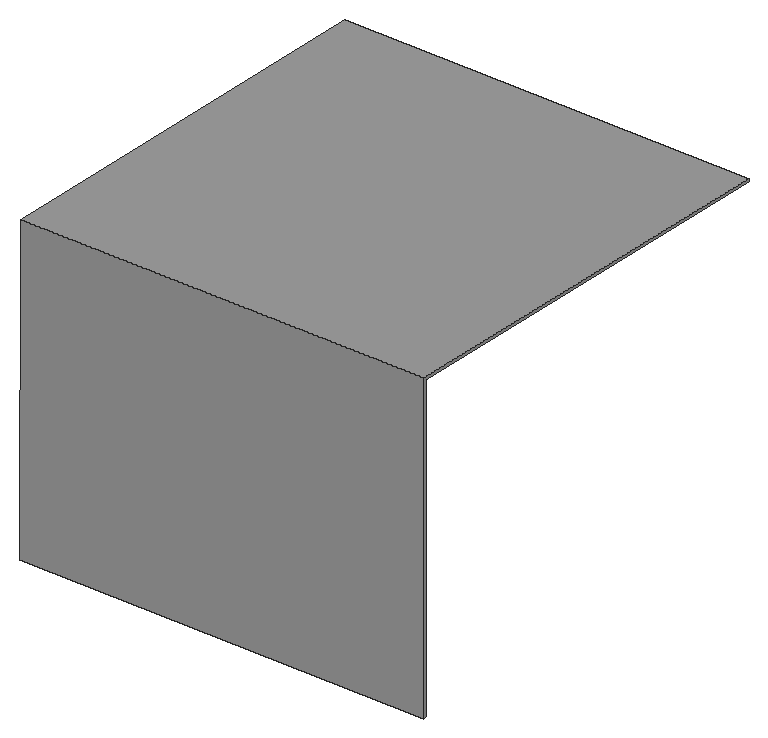
Revit family "Flashing_Preformed_Hyload_CornerCap-Ext", category Generic Models, Revit 2016
Family settings
  Part Type = Normal
  Can host rebar = No
  Round Connector Dimension = Use Diameter
  OmniClass Number = 23.20.30.24.11
  OmniClass Title = Embedded Flashing
  Work Plane-Based = No
  Always vertical = Yes
  Cut with Voids When Loaded = No
  Shared = No
  Room Calculation Point = No
Parameters (values of type "As Specified")
  Unit Width = 0' - 8"
  Unit Height = 0' - 6"
  Unit Depth = 0' - 8 1/16"
  URL = "http://www.hyload.com/"
  Thickness = 0' - 0 1/16"
  Specification = "http://www.arcat.com/sdspecs/htm04/07_65_00hyl.htm"
  Sales Information = "http://www.hyload.com/contact-us"
  Revision = "R1_12-2015"
  Product Properties = "http://www.hyload.com/masonry-flashing/preformed-shapes/"
  Product Data = "http://www.arcat.com/arcatcos/cos33/arc33176.html"
  Model = "Exterior Corner Cap"
  Manufacturer Website = "http://www.hyload.com/"
  Manufacturer Phone - Toll Free = "800-457-4056"
  Manufacturer Phone = "330-769-3546"
  Manufacturer Fax = "330-769-4153"
  Manufacturer Address = "5020 Panther Pkwy., Seville, OH 44273"
  Manufacturer = "Hyload"
  Keynote = "07 65 00"
  Flashing Material = Hyload Flashing Membrane - Grey
  Drawn By = "Robert S. Weygant / Sumex Design"
  Description = "Preformed Hyload Masonry Flashing - Exterior Corner Cap"
  Copyright = "(c) ARCAT, Inc, 2015"
  Construction Details = "http://www.arcat.com/details/hyload/hyload.html?coid=33176"
  Assembly Code = "B3010400"
Reference planes (in)
  plane 1 "Center (Front/Back)": y = 0
  plane 2: z = 0
  plane 3 "Center (Left/Right)": x = 0
  plane 4: y = 8.0625
  plane 5: x = 8
  plane 6 "Top": z = 6
Forms (in)
  Extrusion 1, solid, material "Hyload Flashing Membrane - Grey" <- "Flashing Material"
    sketch origin (0, 0, 6) x (-1, 0, 0) y (0, -1, 0)
      loop
        line (0, -8.0625) -> (0, 0) -> (-8, 0) -> (-8, -8.0625) -> (0, -8.0625)
    from 0 to 0.0625 <- "Thickness"
  Extrusion 2, solid, material "Hyload Flashing Membrane - Grey" <- "Flashing Material"
    sketch origin (0, 0, 0) x (1, 0, 0) y (0, 1, 0)
      loop
        line (0, 8.0625) -> (0, 0) -> (8, 0) -> (8, 0.0625) -> (0.0625, 0.0625) -> (0.0625, 8.0625) -> (0, 8.0625)
    from 0 to 6 <- "Unit Height"
Cuts and joins
  joined: Extrusion 1, Extrusion 2
Dimensions and locks (in)
  "Unit Depth": plane 1 "Center (Front/Back)" to plane 4
  "Unit Width": plane 3 "Center (Left/Right)" to plane 5
  "Unit Height": plane 6 "Top" to level
  "Thickness": plane 1 "Center (Front/Back)" to Extrusion 2 sketch curve
  "Thickness": plane 3 "Center (Left/Right)" to Extrusion 2 sketch curve
  plane 3 "Center (Left/Right)" to Extrusion 2 = 0' - 8"
  aligned and locked: plane 2 to level
  aligned and locked: Extrusion 1 sketch curve to plane 4
  aligned and locked: plane 3 "Center (Left/Right)" to Extrusion 1 sketch curve
  aligned and locked: Extrusion 1 sketch curve to plane 1 "Center (Front/Back)"
  aligned and locked: Extrusion 1 sketch curve to plane 5
  aligned and locked: plane 4 to Extrusion 2 sketch curve
  aligned and locked: Extrusion 2 sketch curve to plane 3 "Center (Left/Right)"
  aligned and locked: plane 1 "Center (Front/Back)" to Extrusion 2 sketch curve
  aligned and locked: plane 5 to Extrusion 2 sketch curve
  aligned and locked: Extrusion 2 to level
